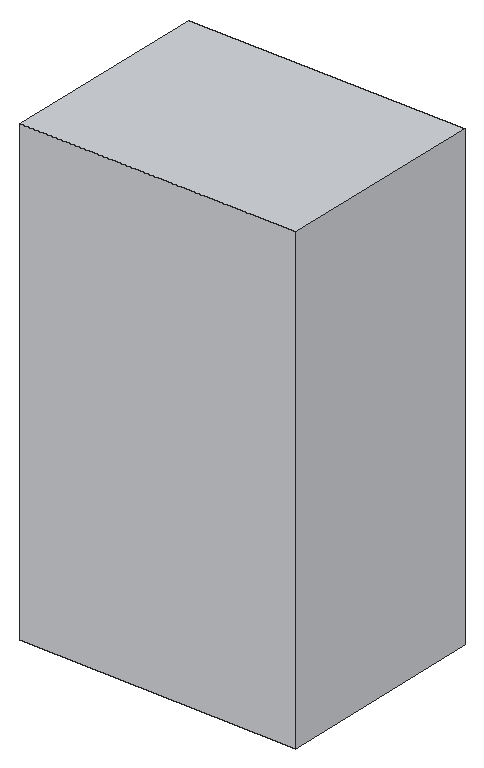
Revit family
Parameters
  Warranty Duration (Years) = 0
  Unit Width [instance] = 1' - 3 3/4"
  Unit Height [instance] = 1' - 9 7/8"
  Unit Depth = 0' - 11 3/4"
  URL = "http://www.americanspecialties.com/viewCategories.cfm"
  Trim Material = Metal - Stainless Steel
  Test Data = ""
  Specification = "http://www.arcat.com/sdspecs/htm/10810asi.htm"
  SpecWizard = ""
  Send Message = "http://www.arcat.com/users.pl?action=UserEmail&company=American%20Specialties,%20Inc.&coid=30448&rep=139&fax=914-476-0688&mf="
  Sales Information = "http://www.americanspecialties.com/contact"
  Revision = "R1_10-2010"
  Product Properties = "http://www.americanspecialties.com/datasheets/0825.pdf"
  Product Data = "http://www.arcat.com/arcatcos/cos30/arc30448.html"
  Model = "As Specified in 10 28 13"
  Manufacturer Website = "http://www.americanspecialties.com/viewCategories.cfm"
  Manufacturer Phone - Toll Free = ""
  Manufacturer Phone = "914-476-9000 "
  Manufacturer Fax = "914-476-0688"
  Manufacturer Address = "441 Saw Mill River Rd., Yonkers, NY 10701"
  Manufacturer = "American Specialties, Inc."
  Maintenance Schedule (Months) = 0
  Keynote = "10 28 13"
  Installation-Fabrication = "http://www.americanspecialties.com/products.cfm"
  Green Building-LEED = ""
  Expected Lifespan (Years) = 0
  Drawn By = "Robert S. Weygant. CSI, CDT, SCIP"  # constant formula
  Description = "Toilet Accessory as Specified in 10 28 13"
  Default Elevation = 4' - 0"
  Copyright = "©Arcat Inc."
  Construction Details = "http://www.arcat.com/green/clients/leed_data_30448.html"
  Building Codes = "http://www.americanspecialties.com/products.cfm"
  Body Material = Metal - Stainless Steel
  Assembly Code = "C1030210"
Reference planes (in)
  plane 1 "Center (Front/Back)": y = -0.29112
  plane 2 "Floor Line": z = 0
  plane 3 "Center (Left/Right)": x = -0.65843
Forms (in)
  Extrusion 1, solid
    sketch origin (-3, -9, -6) x (0, 0, -1) y (1, 0, 0)
      loop
        line (-82, 26) -> (-82, -19.34712) -> (-6, -19.34712) -> (-6, 26) -> (-82, 26)
    from 9 to -25.60721
  Extrusion 2, solid, material "Metal - Stainless Steel" <- "Body Material"
    sketch origin (0, 6.63076, 0) x (1, 0, 0) y (0, 0, 1)
      loop
        line (-8.53343, 0) -> (7.21657, 0) -> (7.21657, 11.75) -> (-8.53343, 11.75) -> (-8.53343, 0)
      loop
        line (-8.50218, 11.71875) -> (-8.50218, 0.03125) -> (7.18532, 0.03125) -> (7.18532, 11.71875) -> (-8.50218, 11.71875)
    from -4.01563 to 17.82801
  Extrusion 3, void
    sketch origin (0, 0, 0) x (1, 0, 0) y (0, 1, 0)
      loop
        line (5.87282, -8.05286) -> (5.87282, -7.73251)
        arc (5.87282, -7.73251) -> (5.77907, -7.63876) -> (5.68532, -7.73251) r 0.09375
        line (5.68532, -7.73251) -> (5.68532, -8.05286)
        arc (5.68532, -8.05286) -> (5.77907, -8.5392) -> (5.87282, -8.05286) r 0.2522
      loop
        circle (-0.65843, 7.7539) r 0.25
      loop
        circle (-0.65843, -8.28699) r 0.25
      loop
        arc (-7.18968, 7.98247) -> (-7.09593, 7.50685) -> (-7.00218, 7.98247) r 0.24705
        line (-7.00218, 7.98247) -> (-7.00218, 8.3037)
        arc (-7.00218, 8.3037) -> (-7.09593, 8.39745) -> (-7.18968, 8.3037) r 0.09375
        line (-7.18968, 8.3037) -> (-7.18968, 7.98247)
      loop
        arc (-7.18968, -8.05286) -> (-7.09593, -8.5392) -> (-7.00218, -8.05286) r 0.2522
        line (-7.00218, -8.05286) -> (-7.00218, -7.73251)
        arc (-7.00218, -7.73251) -> (-7.09593, -7.63876) -> (-7.18968, -7.73251) r 0.09375
        line (-7.18968, -7.73251) -> (-7.18968, -8.05286)
      loop
        line (5.87282, 7.98247) -> (5.87282, 8.3037)
        arc (5.87282, 8.3037) -> (5.77907, 8.39745) -> (5.68532, 8.3037) r 0.09375
        line (5.68532, 8.3037) -> (5.68532, 7.98247)
        arc (5.68532, 7.98247) -> (5.77907, 7.50685) -> (5.87282, 7.98247) r 0.24705
    from 0 to 0.03125
  Extrusion 4, solid, material "Metal - Stainless Steel" <- "Trim Material"
    sketch origin (-21.54429, 0.15625, -0.65515) x (0, 1, 0) y (0, 0, 1)
      loop
        line (9.73315, 0.6864) -> (9.73315, 0.78015) -> (9.02362, 0.78015) -> (9.08863, 0.87301) -> (9.4571, 0.87301) -> (9.4571, 0.96676) -> (9.03983, 0.96676) -> (8.84353, 0.6864) -> (9.73315, 0.6864)
    from 13.58986 to 13.90687
  Extrusion 5, solid, material "Metal - Stainless Steel" <- "Trim Material"
    sketch origin (8.83083, 5, 5.25) x (1, 0, 0) y (0, 1, 0)
      loop
        circle (-4.23995, 3.44498) r 0.5
    from 6.5 to 6.53125
  Extrusion 6, solid, material "Metal - Stainless Steel" <- "Body Material"
    sketch origin (0, -0.29112, 0) x (1, 0, 0) y (0, 0, 1)
      loop
        line (-8.53343, 11.75) -> (-8.53343, 0) -> (7.21657, 0) -> (7.21657, 11.75) -> (-8.53343, 11.75)
    from 10.90614 to 10.9375
  Extrusion 7, solid, material "Metal - Stainless Steel" <- "Trim Material"
    sketch origin (18.06825, 5.03125, -0.65515) x (0, 1, 0) y (0, 0, -1)
      loop
        line (4.85815, -0.6864) -> (3.96853, -0.6864) -> (4.16483, -0.96676) -> (4.5821, -0.96676) -> (4.5821, -0.87301) -> (4.21363, -0.87301) -> (4.14862, -0.78015) -> (4.85815, -0.78015) -> (4.85815, -0.6864)
    from 11.44543 to 11.75793
  Extrusion 8, solid, material "Metal - Stainless Steel" <- "Trim Material"
    sketch origin (-18.85628, -8.96864, -0.65515) x (0, 1, 0) y (0, 0, 1)
      loop
        line (-0.02885, 0.6864) -> (-0.02885, 0.78015) -> (-0.72638, 0.78015) -> (-0.66137, 0.87301) -> (-0.18836, 0.87301) -> (-0.18836, 0.96676) -> (-0.71017, 0.96676) -> (-0.90647, 0.6864) -> (-0.02885, 0.6864)
    from 11.21885 to 10.90184
  Extrusion 9, solid, material "Metal - Stainless Steel" <- "Trim Material"
    sketch origin (17.53941, -13.84364, -0.65515) x (0, 1, 0) y (0, 0, -1)
      loop
        line (4.84615, -0.6864) -> (3.96853, -0.6864) -> (4.16483, -0.96676) -> (4.68664, -0.96676) -> (4.68664, -0.87301) -> (4.21363, -0.87301) -> (4.14862, -0.78015) -> (4.84615, -0.78015) -> (4.84615, -0.6864)
    from 11.22909 to 10.91659
Cuts and joins
  Extrusion 3 cuts Extrusion 2
Dimensions and locks (in)
  Extrusion 2 sketch curve to Extrusion 2 sketch curve = 0' - 0 1/32"
  locked: Extrusion 2 sketch curve to Extrusion 2 sketch curve at 0.03125  (x4)
  "Unit Depth": Extrusion 2 to level
  Extrusion 5 to Extrusion 2 = 0' - 0 1/32"
  "Unit Width": Extrusion 2 to Extrusion 2
  equal spacing: Extrusion 2, plane 3 "Center (Left/Right)", Extrusion 2
  equal spacing: Extrusion 2, plane 1 "Center (Front/Back)", Extrusion 6
  "Unit Height": Extrusion 2 to Extrusion 6
  Extrusion 5 sketch curve to Extrusion 2 = 0' - 2.62568"
  Extrusion 2 to Extrusion 5 sketch curve = 0' - 2.2014"
  aligned and locked: Extrusion 1 to level
  aligned and locked: Extrusion 4 to Extrusion 2
  aligned and locked: Extrusion 5 to Extrusion 2
  aligned and locked: Extrusion 6 sketch curve to Extrusion 2  (x3)
  aligned and locked: Extrusion 2 to Extrusion 6 sketch curve
  aligned and locked: Extrusion 6 to Extrusion 2
Automatic sketch dimensions
  Extrusion 1 sketch curve to Extrusion 1 sketch curve = 6' - 4"
  Extrusion 1 sketch curve to Extrusion 1 sketch curve = 3' - 9.34712"
  Extrusion 2 sketch curve to level = 0' - 0"
  Extrusion 2 sketch curve to plane 3 "Center (Left/Right)" = 0' - 7 7/8"
  plane 3 "Center (Left/Right)" to Extrusion 2 sketch curve = 0' - 7 27/32"
  Extrusion 2 sketch curve to Extrusion 2 sketch curve = 0' - 11 11/16"
  level to Extrusion 4 sketch curve = 0' - 0 1/32"
  Extrusion 4 sketch curve to plane 1 "Center (Front/Back)" = 0' - 9.29089"
  Extrusion 4 sketch curve to Extrusion 4 sketch curve = 0' - 0.18009"
  level to Extrusion 4 sketch curve = 0' - 0.3116"
  Extrusion 4 sketch curve to Extrusion 4 sketch curve = 0' - 0.01621"
  Extrusion 4 sketch curve to Extrusion 4 sketch curve = 0' - 0.0488"
  Extrusion 4 sketch curve to Extrusion 4 sketch curve = 0' - 0 165/256"
  Extrusion 4 sketch curve to Extrusion 4 sketch curve = 0' - 0.27604"
  Extrusion 4 sketch curve to Extrusion 4 sketch curve = 0' - 0 3/32"  (x2)
  level to Extrusion 7 sketch curve = 0' - 0 1/32"
  Extrusion 7 sketch curve to plane 1 "Center (Front/Back)" = 0' - 9.29089"
  Extrusion 7 sketch curve to Extrusion 7 sketch curve = 0' - 0.18009"
  level to Extrusion 7 sketch curve = 0' - 0.3116"
  Extrusion 7 sketch curve to Extrusion 7 sketch curve = 0' - 0.01621"
  Extrusion 7 sketch curve to Extrusion 7 sketch curve = 0' - 0.0488"
  Extrusion 7 sketch curve to Extrusion 7 sketch curve = 0' - 0 165/256"
  Extrusion 7 sketch curve to Extrusion 7 sketch curve = 0' - 0.27604"
  Extrusion 7 sketch curve to Extrusion 7 sketch curve = 0' - 0 3/32"
  Extrusion 7 sketch curve to Extrusion 7 sketch curve = 0' - 0.09285"
  level to Extrusion 8 sketch curve = 0' - 0 1/32"
  plane 1 "Center (Front/Back)" to Extrusion 8 sketch curve = 0' - 9.58399"
  Extrusion 8 sketch curve to Extrusion 8 sketch curve = 0' - 0.18009"
  level to Extrusion 8 sketch curve = 0' - 0.3116"
  Extrusion 8 sketch curve to Extrusion 8 sketch curve = 0' - 0.01621"
  Extrusion 8 sketch curve to Extrusion 8 sketch curve = 0' - 0.0488"
  Extrusion 8 sketch curve to Extrusion 8 sketch curve = 0' - 0.63252"
  Extrusion 8 sketch curve to Extrusion 8 sketch curve = 0' - 0.15951"
  Extrusion 8 sketch curve to Extrusion 8 sketch curve = 0' - 0 3/32"  (x2)
  level to Extrusion 9 sketch curve = 0' - 0 1/32"
  plane 1 "Center (Front/Back)" to Extrusion 9 sketch curve = 0' - 9.58399"
  Extrusion 9 sketch curve to Extrusion 9 sketch curve = 0' - 0.18009"
  level to Extrusion 9 sketch curve = 0' - 0.3116"
  Extrusion 9 sketch curve to Extrusion 9 sketch curve = 0' - 0.01621"
  Extrusion 9 sketch curve to Extrusion 9 sketch curve = 0' - 0.0488"
  Extrusion 9 sketch curve to Extrusion 9 sketch curve = 0' - 0.63252"
  Extrusion 9 sketch curve to Extrusion 9 sketch curve = 0' - 0.15951"
  Extrusion 9 sketch curve to Extrusion 9 sketch curve = 0' - 0 3/32"
  Extrusion 9 sketch curve to Extrusion 9 sketch curve = 0' - 0.09285"
  Extrusion 3 sketch curve to plane 3 "Center (Left/Right)" = 0' - 0"  (x2)
  Extrusion 3 sketch curve to Extrusion 3 sketch curve = 0' - 0 3/32"  (x8)
  Extrusion 3 sketch curve to Extrusion 3 sketch curve = 0' - 0"  (x4)
  Extrusion 3 sketch curve to Extrusion 3 sketch curve = 0' - 0.23413"  (x2)
  Extrusion 3 sketch curve to Extrusion 3 sketch curve = 0' - 0.32035"  (x2)
  Extrusion 3 sketch curve to Extrusion 3 sketch curve = 0' - 0.22857"  (x2)
  Extrusion 3 sketch curve to Extrusion 3 sketch curve = 0' - 0.32122"  (x2)
  Extrusion 3 sketch curve to plane 1 "Center (Front/Back)" = 0' - 8.04502"
  plane 3 "Center (Left/Right)" to Extrusion 3 sketch curve = 0' - 6 11/32"  (x2)
  Extrusion 3 sketch curve to plane 3 "Center (Left/Right)" = 0' - 6 17/32"  (x2)
  plane 1 "Center (Front/Back)" to Extrusion 3 sketch curve = 0' - 7 113/256"
  radius of Extrusion 5 sketch curve = 0' - 0 1/2"
  radius of Extrusion 3 sketch curve = 0' - 0 1/4"  (x2)
